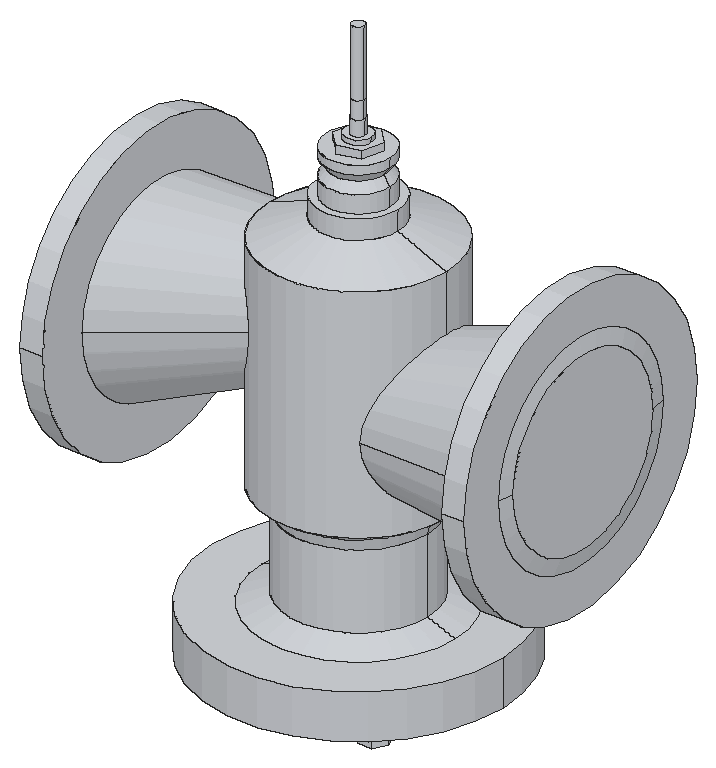
Revit family "2FGB_PN16_DN080_RFA_2019", category Pipe Accessories, Revit 2019
Family settings
  Round Connector Dimension = Use Diameter
  Part Type = Valve - Breaks Into
  Work Plane-Based = No
  Always vertical = Yes
  Cut with Voids When Loaded = No
  Shared = No
Parameters (values of type "2FGB PN16 DN080")
  magiProductId = ""
  magiProductFamilyId = ""
  magiPartTypeId = 306
  isMeasuringValve [instance] = no
  ang2D [instance] = 0.00°
  Z9 = 4.2 mm
  Z8 = 5.7 mm
  Z7 = 3 mm
  Z6 = 6 mm
  Z5 = 6 mm
  Z4 = 12 mm
  Z3 = 151.95 mm
  Z19 = 9.9 mm
  Z15 = 36.75 mm
  Z14__ve = -Z14  # -13.125 mm
  Z14 = 13.125 mm
  Z13 = 7.32 mm
  Z12 = 51.24 mm
  Z10 = 5.1 mm
  X4 = 30.6 mm
  X2__ve = -X2  # -15.3 mm
  X2 = 15.3 mm
  X1 = 2 mm
  W2D = 80 mm
  VersionID = ""
  Use Minimum Symbol Size [instance] = yes
  URL = "www.hydronix.cz"
  Type Comments = "Přírubový; EQM charakteristika; PN16; -10~+150°C"
  R9 = 4 mm
  R7 = 8.923 mm
  R6 = 14.872 mm
  R5 = 17.626 mm
  R4 = 22.032 mm
  R3 = 27.54 mm
  R2 = 49.875 mm
  R13 = 47.88 mm
  R12 = 4.685 mm
  R1 = 39.9 mm
  QmdConnectorList = "301;D;302;D"
  Productdata [instance] = "2FGB80 (DN80; PN16; kvs100)"
  Manufacturer = "Hydronix"
  Maintenance Zone Under Depth [instance] = 207 mm
  Maintenance Zone Right Depth [instance] = 175 mm
  Maintenance Zone Over Depth [instance] = 221 mm
  Maintenance Zone Left Depth [instance] = 175 mm
  Maintenance Zone Front Depth [instance] = 110 mm
  Maintenance Zone Back Depth [instance] = 110 mm
  Maintenance Zone Front Visibility [instance] = no
  LT2 = 155 mm
  L2D_Min = 3048 mm
  L2D = 310 mm
  HCDT2 = 66.5 mm
  H4 = 187 mm
  H3 = 105 mm
  H2 = 45 mm
  FDT2 = 100 mm
  Description = "2 cestný regulační ventil přírubový; DN80; PN16; kvs100; zdvih 45mm"
  D4 = 60.35 mm
  D3 = 71 mm
  D2 = 61.2 mm
  D = 80 mm
  CenSd_R6_6 = R6 * cos(30.00°)  # 12.879 mm
  CenSd_A_6 = A * cos(30.00°)  # 8.66 mm
  Clearance Zone Height Depth [instance] = 221 mm
  CZONC [instance] = 175 mm
  Clearance Zone Visibility [instance] = no
  B1 = 56.569 mm
  A = 10 mm
Types (5, lengths in mm): name | Z9 | Z8 | Z6 | Z5 | Z4 | Z3 | Z19 | Z15 | Z14__ve | Z14 | Z13 | Z12 | Z10 | X4 | X2__ve | X2 | W2D | R7 | R6 | R5 | R4 | R3 | R2 | R13 | R12 | R1 | Productdata | LT2 | L2D | HCDT2 | H4 | H3 | H2 | FDT2 | Description | D4 | D3 | D2 | D | CenSd_R6_6 | CenSd_A_6 | B1 | A
  2FGB PN16 DN100 | 4.165 | 5.602 | 5.95 | 5.95 | 11.9 | 168.575 | 9.767 | 40.775 | -14.562 | 14.562 | 8.12 | 56.84 | 5.082 | 34.6 | -17.3 | 17.3 | 100 | 10.089 | 16.816 | 19.93 | 24.912 | 31.14 | 57.375 | 55.08 | 5.297 | 45.9 | "2FGB100 (DN100; PN16; kvs130)" | 175 | 350 | 76.5 | 207 | 116.5 | 45 | 110 | "2 cestný regulační ventil přírubový; DN100; PN16; kvs130; zdvih 45mm" | 68.85 | 81 | 69.2 | 100 | 14.563 | 9.526 | 63.64 | 11
  2FGB PN16 DN080 | 4.2 | 5.7 | 6 | 6 | 12 | 151.95 | 9.9 | 36.75 | -13.125 | 13.125 | 7.32 | 51.24 | 5.1 | 30.6 | -15.3 | 15.3 | 80 | 8.923 | 14.872 | 17.626 | 22.032 | 27.54 | 49.875 | 47.88 | 4.685 | 39.9 | "2FGB80 (DN80; PN16; kvs100)" | 155 | 310 | 66.5 | 187 | 105 | 45 | 100 | "2 cestný regulační ventil přírubový; DN80; PN16; kvs100; zdvih 45mm" | 60.35 | 71 | 61.2 | 80 | 12.879 | 8.66 | 56.569 | 10
  2FGB PN16 DN065 | 4.2 | 5.7 | 6 | 6 | 12 | 139.45 | 9.9 | 33.25 | -11.875 | 11.875 | 6.82 | 47.74 | 5.1 | 28.6 | -14.3 | 14.3 | 65 | 8.34 | 13.9 | 16.474 | 20.592 | 25.74 | 44.25 | 42.48 | 4.378 | 35.4 | "2FGB65 (DN65; PN16; kvs63)" | 145 | 290 | 59 | 175 | 95 | 25 | 92.5 | "2 cestný regulační ventil přírubový; DN65; PN16; kvs63; zdvih 25mm" | 53.975 | 63.5 | 57.2 | 65 | 12.037 | 8.011 | 51.265 | 9.25
  2FGB PN16 DN150 | 4.2 | 5.7 | 6 | 6 | 12 | 227.45 | 9.9 | 54.95 | -19.625 | 19.625 | 10.97 | 76.79 | 5.1 | 47.6 | -23.8 | 23.8 | 150 | 13.88 | 23.134 | 27.418 | 34.272 | 42.84 | 77.625 | 74.52 | 7.287 | 62.1 | "2FGB150 (DN150; PN16; kvs300)" | 240 | 480 | 103.5 | 277 | 157 | 45 | 142.5 | "2 cestný regulační ventil přírubový; DN150; PN16; kvs300; zdvih 45mm" | 92.65 | 109 | 95.2 | 150 | 20.034 | 12.341 | 84.853 | 14.25
  2FGB PN16 DN125 | 4.2 | 5.7 | 6 | 6 | 12 | 196.45 | 9.9 | 48.65 | -17.375 | 17.375 | 9.22 | 64.54 | 5.1 | 39.6 | -19.8 | 19.8 | 125 | 11.547 | 19.246 | 22.81 | 28.512 | 35.64 | 68.625 | 65.88 | 6.062 | 54.9 | "2FGB125 (DN125; PN16; kvs200)" | 200 | 400 | 91.5 | 234 | 139 | 45 | 125 | "2 cestný regulační ventil přírubový; DN125; PN16; kvs200; zdvih 45mm" | 81.6 | 96 | 79.2 | 125 | 16.667 | 10.825 | 74.246 | 12.5
Reference planes
  plane 1 "Center (Front/Back)": y = 0
  plane 2 "XYPLANE": z = 0
  plane 3 "Center (Left/Right)": x = 0
  plane 4 "234": y = -56.569
  plane 5 "233": x = 56.569
  plane 6 "232": x = -56.569
  plane 7 "231": y = 56.569
  plane 8 "225": z = -177
  plane 9 "223": z = 221
  plane 10 "221": x = -175
  plane 11 "220": x = 175
  plane 12 "219": y = -110
  plane 13 "218": y = 110
  plane 14 "196": z = -207
  plane 15 "182": z = 165
  plane 16 "161": z = 153
  plane 17 "158": z = 147.3
  plane 18 "150": z = 143.1
  plane 19 "148": z = 140.1
  plane 20 "142": z = 135
  plane 21 "136": z = 129
  plane 22 "135": z = 123
  plane 23 "131": z = 117
  plane 24 "78": z = 78.75
  plane 25 "77": z = 91.875
  plane 26 "74": z = 105
  plane 27 "70": z = -73.2
  plane 28 "65": z = -80.52
  plane 29 "64": z = -87.84
  plane 30 "58": z = -139.08
  plane 31 "57": z = -146.4
  plane 32 "46": z = -187
  plane 33 "28": x = 137.7
  plane 34 "27": x = 153
  plane 35 "21": z = -20
  plane 36 "16": z = 36.75
  plane 37 "13": x = -137.7
  plane 38 "7": x = -153
  plane 39 "6": x = 155
  plane 40 "5": x = -155
  plane 41 "3": y = 0
  plane 42 "2": z = 0
  plane 43 "1": x = 0
Forms (mm)
  Extrusion 1, solid
    sketch origin (-750, 0, -187) x (1, 0, 0) y (0, 1, 0)
      loop
        line (816.569, -56.569) -> (811.569, -47.908) -> (801.569, -47.908) -> (796.569, -56.569) -> (801.569, -65.229) -> (811.569, -65.229) -> (816.569, -56.569)
    from 0 to 10
  Extrusion 2, solid
    sketch origin (-750, 0, -187) x (1, 0, 0) y (0, 1, 0)
      loop
        line (703.431, -56.569) -> (698.431, -47.908) -> (688.431, -47.908) -> (683.431, -56.569) -> (688.431, -65.229) -> (698.431, -65.229) -> (703.431, -56.569)
    from 0 to 10
  Extrusion 3, solid
    sketch origin (-750, 0, -187) x (1, 0, 0) y (0, 1, 0)
      loop
        line (816.569, 56.569) -> (811.569, 65.229) -> (801.569, 65.229) -> (796.569, 56.569) -> (801.569, 47.908) -> (811.569, 47.908) -> (816.569, 56.569)
    from 0 to 10
  Extrusion 4, solid
    sketch origin (-750, 0, -187) x (1, 0, 0) y (0, 1, 0)
      loop
        line (703.431, 56.569) -> (698.431, 65.229) -> (688.431, 65.229) -> (683.431, 56.569) -> (688.431, 47.908) -> (698.431, 47.908) -> (703.431, 56.569)
    from 0 to 10
  Blend 5, solid, visible <- "Maintenance Zone Front Visibility"
    base sketch origin (-750, 0, 221) x (1, 0, 0) y (0, 1, 0)
      loop
        line (575, 110) -> (575, -110) -> (925, -110) -> (925, 110) -> (575, 110)
    top sketch origin (-750, 0, 221) x (1, 0, 0) y (0, 1, 0)
      loop
        line (575, 110) -> (575, -110) -> (925, -110) -> (925, 110) -> (575, 110)
    from 0 to -428
  Extrusion 6, solid, visible <- "Clearance Zone Visibility"
    sketch origin (-750, 0, 0) x (1, 0, 0) y (0, 1, 0)
      loop
        circle (750, 0) r 175
    from 0 to 221 <- "Clearance Zone Height Depth"
  Extrusion 7, solid
    sketch origin (-750, 0, 143.1) x (1, 0, 0) y (0, 1, 0)
      loop
        circle (750, 0) r 4.685
    from 0 to 9.9 <- "Z19"
  Extrusion 8, solid
    sketch origin (-750, 0, 165) x (1, 0, 0) y (0, 1, 0)
      loop
        circle (750, 0) r 4
    from 0 to 45 <- "H2"
  Extrusion 9, solid
    sketch origin (-750, 0, 153) x (1, 0, 0) y (0, 1, 0)
      loop
        circle (750, 0) r 4
    from 0 to 12 <- "Z4"
  Extrusion 10, solid
    sketch origin (-750, 0, 140.1) x (1, 0, 0) y (0, 1, 0)
      loop
        circle (750, 0) r 8.923
    from 0 to 3 <- "Z7"
  Extrusion 11, solid
    sketch origin (-750, 0, 135) x (1, 0, 0) y (0, 1, 0)
      loop
        line (760.516, -10.516) -> (764.365, 3.849) -> (753.849, 14.365) -> (739.484, 10.516) -> (735.635, -3.849) -> (746.151, -14.365) -> (760.516, -10.516)
    from 0 to 5.1 <- "Z10"
  Extrusion 12, solid
    sketch origin (-750, 0, 129) x (1, 0, 0) y (0, 1, 0)
      loop
        circle (750, 0) r 22.032
    from 0 to 6 <- "Z6"
  Blend 13, solid
    base sketch origin (-750, 0, 123) x (1, 0, 0) y (0, 1, 0)
      loop
        circle (750, 0) r 17.626
    top sketch origin (-750, 0, 123) x (1, 0, 0) y (0, 1, 0)
      loop
        circle (750, 0) r 22.032
    from 0 to 6
  Blend 14, solid
    base sketch origin (-750, 0, 117) x (1, 0, 0) y (0, 1, 0)
      loop
        circle (750, 0) r 22.032
    top sketch origin (-750, 0, 117) x (1, 0, 0) y (0, 1, 0)
      loop
        circle (750, 0) r 17.626
    from 0 to 6
  Extrusion 15, solid
    sketch origin (-750, 0, 105) x (1, 0, 0) y (0, 1, 0)
      loop
        circle (750, 0) r 22.032
    from 0 to 12 <- "Z4"
  Extrusion 16, solid
    sketch origin (-750, 0, 105) x (1, 0, 0) y (0, 1, 0)
      loop
        circle (750, 0) r 27.54
    from 0 to -13.125 <- "Z14__ve"
  Blend 17, solid
    base sketch origin (-750, 0, 78.75) x (1, 0, 0) y (0, 1, 0)
      loop
        circle (750, 0) r 61.2
    top sketch origin (-750, 0, 78.75) x (1, 0, 0) y (0, 1, 0)
      loop
        circle (750, 0) r 27.54
    from 0 to 13.125
  Blend 18, solid
    base sketch origin (-750, 0, -80.52) x (1, 0, 0) y (0, 1, 0)
      loop
        circle (750, 0) r 49.875
    top sketch origin (-750, 0, -80.52) x (1, 0, 0) y (0, 1, 0)
      loop
        circle (750, 0) r 61.2
    from 0 to 7.32
  Blend 19, solid
    base sketch origin (-750, 0, -87.84) x (1, 0, 0) y (0, 1, 0)
      loop
        circle (750, 0) r 47.88
    top sketch origin (-750, 0, -87.84) x (1, 0, 0) y (0, 1, 0)
      loop
        circle (750, 0) r 49.875
    from 0 to 7.32
  Extrusion 20, solid
    sketch origin (-750, 0, -139.08) x (1, 0, 0) y (0, 1, 0)
      loop
        circle (750, 0) r 47.88
    from 0 to 51.24 <- "Z12"
  Blend 21, solid
    base sketch origin (-750, 0, -146.4) x (1, 0, 0) y (0, 1, 0)
      loop
        circle (750, 0) r 66.5
    top sketch origin (-750, 0, -146.4) x (1, 0, 0) y (0, 1, 0)
      loop
        circle (750, 0) r 47.88
    from 0 to 7.32
  Extrusion 22, solid
    sketch origin (-750, 0, -177) x (1, 0, 0) y (0, 1, 0)
      loop
        circle (750, 0) r 100
    from 0 to 30.6 <- "X4"
  Blend 23, solid
    base sketch origin (153, -750, 0) x (0, 1, 0) y (0, 0, 1)
      loop
        circle (750, 0) r 71
    top sketch origin (153, -750, 0) x (0, 1, 0) y (0, 0, 1)
      loop
        circle (750, 0) r 60.35
    from 0 to 2
  Blend 24, solid
    base sketch origin (-155, -750, 0) x (0, 1, 0) y (0, 0, 1)
      loop
        circle (750, 0) r 60.35
    top sketch origin (-155, -750, 0) x (0, 1, 0) y (0, 0, 1)
      loop
        circle (750, 0) r 71
    from 0 to 2
  Extrusion 25, solid
    sketch origin (153, -750, 0) x (0, 1, 0) y (0, 0, 1)
      loop
        circle (750, 0) r 100
    from 0 to -15.3 <- "X2__ve"
  Blend 26, solid
    base sketch origin (0, -750, 0) x (0, 1, 0) y (0, 0, 1)
      loop
        circle (750, -20) r 39.9
    top sketch origin (0, -750, 0) x (0, 1, 0) y (0, 0, 1)
      loop
        circle (750, 0) r 66.5
    from 0 to 137.7
  Extrusion 27, solid
    sketch origin (-750, 0, -73.2) x (1, 0, 0) y (0, 1, 0)
      loop
        circle (750, 0) r 61.2
    from 0 to 151.95 <- "Z3"
  Blend 28, solid
    base sketch origin (-137.7, -750, 0) x (0, 1, 0) y (0, 0, 1)
      loop
        circle (750, 0) r 66.5
    top sketch origin (-137.7, -750, 0) x (0, 1, 0) y (0, 0, 1)
      loop
        circle (750, 36.75) r 39.9
    from 0 to 137.7
  Extrusion 29, solid
    sketch origin (-153, -750, 0) x (0, 1, 0) y (0, 0, 1)
      loop
        circle (750, 0) r 100
    from 0 to 15.3 <- "X2"
  Extrusion 30, solid, not visible
    sketch origin (155, -750, 0) x (0, 1, 0) y (0, 0, 1)
      loop
        circle (750, 0) r 10
    from 0 to -10
  Extrusion 31, solid, not visible
    sketch origin (-155, -750, 0) x (0, 1, 0) y (0, 0, 1)
      loop
        circle (750, 0) r 10
    from 0 to 10
Lines and regions (mm)
  reference lines, not visible
    curve 1: circle (2, 2, 0) r 1 normal (0, 0, 1)
  reference lines
    curve 2: line (56.569, -56.569, -187) -> (53.819, -51.805, -187)
    curve 3: line (56.569, -56.569, -187) -> (51.069, -56.569, -187)
    curve 4: line (56.569, -56.569, -187) -> (53.819, -61.332, -187)
    curve 5: line (-56.569, -56.569, -187) -> (-59.319, -51.805, -187)
    curve 6: line (-56.569, -56.569, -187) -> (-62.069, -56.569, -187)
    curve 7: line (-56.569, -56.569, -187) -> (-59.319, -61.332, -187)
    curve 8: line (56.569, 56.569, -187) -> (53.819, 61.332, -187)
    curve 9: line (56.569, 56.569, -187) -> (51.069, 56.569, -187)
    curve 10: line (56.569, 56.569, -187) -> (53.819, 51.805, -187)
    curve 11: line (-56.569, 56.569, -187) -> (-59.319, 61.332, -187)
    curve 12: line (-56.569, 56.569, -187) -> (-62.069, 56.569, -187)
    curve 13: line (-56.569, 56.569, -187) -> (-59.319, 51.805, -187)
    curve 14: line (0, 0, 135) -> (2.176, 8.121, 135)
    curve 15: line (0, 0, 135) -> (-5.945, 5.945, 135)
    curve 16: line (0, 0, 135) -> (-8.121, -2.176, 135)
Dimensions and locks
  plane 1 "Center (Front/Back)" to curve 1 = 2 mm
  "B1": plane 1 "Center (Front/Back)" to plane 4 "234"
  "B1": plane 3 "Center (Left/Right)" to plane 5 "233"
  "B1": plane 3 "Center (Left/Right)" to plane 6 "232"
  "B1": plane 1 "Center (Front/Back)" to plane 7 "231"
  locked: plane 32 "46" to plane 8 "225" at 10
  "Maintenance Zone Over Depth": plane 2 "XYPLANE" to plane 9 "223"
  "Maintenance Zone Left Depth": plane 3 "Center (Left/Right)" to plane 10 "221"
  "Maintenance Zone Right Depth": plane 3 "Center (Left/Right)" to plane 11 "220"
  "Maintenance Zone Front Depth": plane 1 "Center (Front/Back)" to plane 12 "219"
  "Maintenance Zone Back Depth": plane 1 "Center (Front/Back)" to plane 13 "218"
  "Maintenance Zone Under Depth": plane 2 "XYPLANE" to plane 14 "196"
  "Z4": plane 16 "161" to plane 15 "182"
  "Z8": plane 17 "158" to plane 16 "161"
  "Z9": plane 18 "150" to plane 17 "158"
  "Z7": plane 19 "148" to plane 18 "150"
  "Z10": plane 20 "142" to plane 19 "148"
  "Z6": plane 21 "136" to plane 20 "142"
  "Z5": plane 22 "135" to plane 21 "136"
  "Z5": plane 23 "131" to plane 22 "135"
  "Z4": plane 26 "74" to plane 23 "131"
  "Z14": plane 25 "77" to plane 24 "78"
  "Z14": plane 26 "74" to plane 25 "77"
  "H3": plane 2 "XYPLANE" to plane 26 "74"
  "Z13": plane 28 "65" to plane 27 "70"
  "Z13": plane 29 "64" to plane 28 "65"
  "Z12": plane 30 "58" to plane 29 "64"
  "Z13": plane 31 "57" to plane 30 "58"
  "X4": plane 8 "225" to plane 31 "57"
  "H4": plane 2 "XYPLANE" to plane 32 "46"
  "X2": plane 34 "27" to plane 33 "28"
  "X1": plane 39 "6" to plane 34 "27"
  locked: plane 42 "2" to plane 35 "21" at 20
  "Z15": plane 42 "2" to plane 36 "16"
  "X2": plane 38 "7" to plane 37 "13"
  "X1": plane 40 "5" to plane 38 "7"
  "LT2": plane 3 "Center (Left/Right)" to plane 39 "6"
  "LT2": plane 3 "Center (Left/Right)" to plane 40 "5"
  locked: plane 1 "Center (Front/Back)" to plane 41 "3"
  locked: plane 2 "XYPLANE" to plane 42 "2"
  locked: plane 3 "Center (Left/Right)" to plane 43 "1"
  "CenSd_A_6": curve 2 to Extrusion 1 sketch curve  (x2)
  "CenSd_A_6": curve 3 to Extrusion 1 sketch curve  (x2)
  "CenSd_A_6": curve 4 to Extrusion 1 sketch curve  (x2)
  "CenSd_A_6": curve 5 to Extrusion 2 sketch curve  (x2)
  "CenSd_A_6": curve 6 to Extrusion 2 sketch curve  (x2)
  "CenSd_A_6": curve 7 to Extrusion 2 sketch curve  (x2)
  "CenSd_A_6": curve 8 to Extrusion 3 sketch curve  (x2)
  "CenSd_A_6": curve 9 to Extrusion 3 sketch curve  (x2)
  "CenSd_A_6": curve 10 to Extrusion 3 sketch curve  (x2)
  "CenSd_A_6": curve 11 to Extrusion 4 sketch curve  (x2)
  "CenSd_A_6": curve 12 to Extrusion 4 sketch curve  (x2)
  "CenSd_A_6": curve 13 to Extrusion 4 sketch curve  (x2)
  "CenSd_R6_6": curve 14 to Extrusion 11 sketch curve  (x2)
  "CenSd_R6_6": curve 15 to Extrusion 11 sketch curve  (x2)
  "CenSd_R6_6": curve 16 to Extrusion 11 sketch curve  (x2)
  "CZONC": radius of Extrusion 6 sketch curve
  "R12": radius of Extrusion 7 sketch curve
  "R9": radius of Extrusion 8 sketch curve
  "R9": radius of Extrusion 9 sketch curve
  "R7": radius of Extrusion 10 sketch curve
  "R4": radius of Extrusion 12 sketch curve
  "R4": radius of Blend 13 sketch curve
  "R5": radius of Blend 13 sketch curve
  "R5": radius of Blend 14 sketch curve
  "R4": radius of Blend 14 sketch curve
  "R4": radius of Extrusion 15 sketch curve
  "R3": radius of Extrusion 16 sketch curve
  "R3": radius of Blend 17 sketch curve
  "D2": radius of Blend 17 sketch curve
  "D2": radius of Blend 18 sketch curve
  "R2": radius of Blend 18 sketch curve
  "R2": radius of Blend 19 sketch curve
  "R13": radius of Blend 19 sketch curve
  "R13": radius of Extrusion 20 sketch curve
  "R13": radius of Blend 21 sketch curve
  "HCDT2": radius of Blend 21 sketch curve
  "FDT2": radius of Extrusion 22 sketch curve
  "D4": radius of Blend 23 sketch curve
  "D3": radius of Blend 23 sketch curve
  "D3": radius of Blend 24 sketch curve
  "D4": radius of Blend 24 sketch curve
  "FDT2": radius of Extrusion 25 sketch curve
  "HCDT2": radius of Blend 26 sketch curve
  "R1": radius of Blend 26 sketch curve
  "D2": radius of Extrusion 27 sketch curve
  "R1": radius of Blend 28 sketch curve
  "HCDT2": radius of Blend 28 sketch curve
  "FDT2": radius of Extrusion 29 sketch curve
  locked: curve 3 to curve 2 (angle 60.00°)
  locked: curve 4 to curve 3 (angle 60.00°)
  locked: curve 4 to curve 2 (angle 120.00°)
  locked: curve 6 to curve 5 (angle 60.00°)
  locked: curve 7 to curve 6 (angle 60.00°)
  locked: curve 7 to curve 5 (angle 120.00°)
  locked: curve 9 to curve 8 (angle 60.00°)
  locked: curve 10 to curve 9 (angle 60.00°)
  locked: curve 10 to curve 8 (angle 120.00°)
  locked: curve 12 to curve 11 (angle 60.00°)
  locked: curve 13 to curve 12 (angle 60.00°)
  locked: curve 13 to curve 11 (angle 120.00°)
  locked: curve 15 to curve 14 (angle 60.00°)
  locked: curve 16 to curve 15 (angle 60.00°)
  locked: curve 16 to curve 14 (angle 120.00°)
  aligned and locked: level to plane 2 "XYPLANE"
  aligned and locked: plane 4 "234" to curve 2
  aligned and locked: plane 5 "233" to curve 2
  aligned and locked: plane 4 "234" to curve 5
  aligned and locked: plane 6 "232" to curve 5
  aligned and locked: plane 5 "233" to curve 8
  aligned and locked: plane 7 "231" to curve 8
  aligned and locked: plane 6 "232" to curve 11
  aligned and locked: plane 7 "231" to curve 11
  aligned and locked: plane 13 "218" to Blend 5 sketch curve  (x4)
  aligned and locked: plane 12 "219" to Blend 5 sketch curve  (x4)
  aligned and locked: plane 10 "221" to Blend 5 sketch curve  (x4)
  aligned and locked: plane 11 "220" to Blend 5 sketch curve  (x4)
  aligned and locked: Blend 5 to plane 14 "196"
  aligned and locked: plane 41 "3" to Extrusion 6 sketch curve
  aligned and locked: plane 43 "1" to Extrusion 6 sketch curve
  aligned and locked: plane 41 "3" to Extrusion 7 sketch curve
  aligned and locked: plane 43 "1" to Extrusion 7 sketch curve
  aligned and locked: plane 41 "3" to Extrusion 8 sketch curve
  aligned and locked: plane 43 "1" to Extrusion 8 sketch curve
  aligned and locked: plane 41 "3" to Extrusion 9 sketch curve
  aligned and locked: plane 43 "1" to Extrusion 9 sketch curve
  aligned and locked: plane 41 "3" to Extrusion 10 sketch curve
  aligned and locked: plane 43 "1" to Extrusion 10 sketch curve
  aligned and locked: plane 41 "3" to curve 14
  aligned and locked: plane 43 "1" to curve 14
  aligned and locked: plane 41 "3" to Extrusion 12 sketch curve
  aligned and locked: plane 43 "1" to Extrusion 12 sketch curve
  aligned and locked: plane 41 "3" to Blend 13 sketch curve  (x2)
  aligned and locked: plane 43 "1" to Blend 13 sketch curve  (x2)
  aligned and locked: plane 21 "136" to Blend 13
  aligned and locked: plane 41 "3" to Blend 14 sketch curve  (x2)
  aligned and locked: plane 43 "1" to Blend 14 sketch curve  (x2)
  aligned and locked: plane 22 "135" to Blend 14
  aligned and locked: plane 41 "3" to Extrusion 15 sketch curve
  aligned and locked: plane 43 "1" to Extrusion 15 sketch curve
  aligned and locked: plane 41 "3" to Extrusion 16 sketch curve
  aligned and locked: plane 43 "1" to Extrusion 16 sketch curve
  aligned and locked: plane 41 "3" to Blend 17 sketch curve  (x2)
  aligned and locked: plane 43 "1" to Blend 17 sketch curve  (x2)
  aligned and locked: plane 25 "77" to Blend 17
  aligned and locked: plane 41 "3" to Blend 18 sketch curve  (x2)
  aligned and locked: plane 43 "1" to Blend 18 sketch curve  (x2)
  aligned and locked: plane 27 "70" to Blend 18
  aligned and locked: plane 41 "3" to Blend 19 sketch curve  (x2)
  aligned and locked: plane 43 "1" to Blend 19 sketch curve  (x2)
  aligned and locked: plane 28 "65" to Blend 19
  aligned and locked: plane 41 "3" to Extrusion 20 sketch curve
  aligned and locked: plane 43 "1" to Extrusion 20 sketch curve
  aligned and locked: plane 41 "3" to Blend 21 sketch curve  (x2)
  aligned and locked: plane 43 "1" to Blend 21 sketch curve  (x2)
  aligned and locked: plane 30 "58" to Blend 21
  aligned and locked: plane 41 "3" to Extrusion 22 sketch curve
  aligned and locked: plane 43 "1" to Extrusion 22 sketch curve
  aligned and locked: Blend 23 sketch curve to plane 41 "3"  (x2)
  aligned and locked: plane 42 "2" to Blend 23 sketch curve  (x2)
  aligned and locked: plane 39 "6" to Blend 23
  aligned and locked: Blend 24 sketch curve to plane 41 "3"  (x2)
  aligned and locked: plane 42 "2" to Blend 24 sketch curve  (x2)
  aligned and locked: plane 38 "7" to Blend 24
  aligned and locked: Extrusion 25 sketch curve to plane 41 "3"
  aligned and locked: plane 42 "2" to Extrusion 25 sketch curve
  aligned and locked: Blend 26 sketch curve to plane 41 "3"  (x2)
  aligned and locked: plane 42 "2" to Blend 26 sketch curve
  aligned and locked: plane 35 "21" to Blend 26 sketch curve
  aligned and locked: plane 33 "28" to Blend 26
  aligned and locked: plane 41 "3" to Extrusion 27 sketch curve
  aligned and locked: plane 43 "1" to Extrusion 27 sketch curve
  aligned and locked: plane 36 "16" to Blend 28 sketch curve
  aligned and locked: plane 41 "3" to Blend 28 sketch curve
  aligned and locked: Blend 28 sketch curve to plane 41 "3"
  aligned and locked: plane 42 "2" to Blend 28 sketch curve
  aligned and locked: plane 43 "1" to Blend 28
  aligned and locked: Extrusion 29 sketch curve to plane 41 "3"
  aligned and locked: plane 42 "2" to Extrusion 29 sketch curve
  aligned and locked: Extrusion 30 sketch curve to plane 41 "3"
  aligned and locked: plane 42 "2" to Extrusion 30 sketch curve
  aligned and locked: Extrusion 31 sketch curve to plane 41 "3"
  aligned and locked: plane 42 "2" to Extrusion 31 sketch curve
Automatic sketch dimensions
  plane 1 "Center (Front/Back)" to curve 16 = 2.176 mm
  plane 1 "Center (Front/Back)" to Extrusion 30 sketch curve = 10 mm
  plane 1 "Center (Front/Back)" to Extrusion 31 sketch curve = 10 mm
  plane 3 "Center (Left/Right)" to curve 1 = 2 mm
  radius of curve 1 = 1 mm
Connectors
  piping at (-155, 0, 0), diameter 80, driven by "D"
    settings: on Extrusion 31, index 1, connector inside diameter 609.6 mm, connector length 0 mm, flow factor 0, pipe flow 0.0 L/s, pressure drop 0.0 Pa, fitting loss kfactor 0, connector angle 0.00°, fixture units 0, engagement length 0 mm, angle of deflection 0.00°, flow configuration 0, flow direction 0, fitting loss method 0, system type 29, joint type 0, gender type 0, connector reference index 2, connector utility 0, adjustable connector no, is connector primary yes, connector description ""
  piping at (155, 0, 0), diameter 80, driven by "D"
    settings: on Extrusion 30, index 2, connector inside diameter 609.6 mm, connector length 0 mm, flow factor 0, pipe flow 0.0 L/s, pressure drop 0.0 Pa, fitting loss kfactor 0, connector angle 0.00°, fixture units 0, engagement length 0 mm, angle of deflection 0.00°, flow configuration 0, flow direction 0, fitting loss method 0, system type 29, joint type 0, gender type 0, connector reference index 1, connector utility 0, adjustable connector no, is connector primary no, connector description ""
